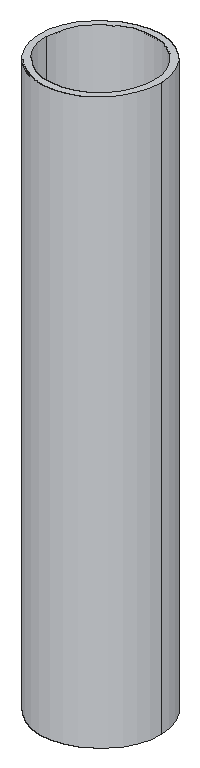
Revit family "Doppelnippel", category HLS-Bauteile, Revit 2017
Family settings
  Bemaßung runder Anschluss = Durchmesser verwenden
  Teiletyp = Normal
  Arbeitsebenenbasiert = Ja
  Immer vertikal = Nein
  Beim Laden mit Abzugskörper schneiden = Nein
  Gemeinsam genutzt = Ja
  Raumberechnungspunkt = Nein
Parameters (values of type "Doppelnippel 1/2" L= 100")
  vpe = "1 St"
  Default Elevation = 1219.2 mm
  Regelhalter [instance] = ""
  Mengeneinheit = "St"
  Material = "Stahl"
  Länge = 100 mm
  Kurztext2 = "Länge 100 mm gvz"
  Kurztext1 = "Doppelnippel 1/2\""
  Gewinde = "1/2''"
  Gewicht pro Bauteil = Gewicht  # 0.121 kg
  Gewicht = 0.121 kg
  Firma = "MEFA Befestigungs- und Montagesysteme GmbH"
  Festigkeitsklasse = ""
  Fabrikat = "MEFA"
  EAN = "4250928416148"
  D0 = 18.7 mm
  D = 21 mm
  Artikelnummer = "0701003"
Types (7, lengths in mm): name | Länge | Kurztext2 | Gewicht pro Bauteil | Gewicht | EAN | Artikelnummer
  (no name) | 100 | "Länge 100 mm gvz" | 0.121 kg | 0.121 kg | "4250928416148" | "0701003"
  Doppelnippel 1/2" L=  40 | 40 | "Länge 40 mm gvz" | 0.045 kg | 0.045 kg | "4250928416117" | "0700403"
  Doppelnippel 1/2" L=  60 | 60 | "Länge 60 mm gvz" | 0.071 kg | 0.071 kg | "4250928416124" | "0700603"
  Doppelnippel 1/2" L=  80 | 80 | "Länge 80 mm gvz" | 0.096 kg | 0.096 kg | "4250928416131" | "0700803"
  Doppelnippel 1/2" L= 100 | 100 | "Länge 100 mm gvz" | 0.121 kg | 0.121 kg | "4250928416148" | "0701003"
  Doppelnippel 1/2" L= 120 | 120 | "Länge 120 mm gvz" | 0.148 kg | 0.148 kg | "4250928416155" | "0701203"
  Doppelnippel 1/2" L= 150 | 150 | "Länge 150 mm gvz" | 0.185 kg | 0.185 kg | "4250928416162" | "0701503"
Reference planes
  plane 1 "Mitte (Vorne/hinten)": y = 0
  plane 2: z = 0
  plane 3 "Mitte (Links/rechts)": x = 0
  plane 4: z = 100
Forms (mm)
  Extrusion 1, solid
    sketch origin (0, 0, 0) x (1, 0, 0) y (0, 1, 0)
      loop
        circle (0, 0) r 10.5
    from 0 to 100
  Extrusion 2, void
    sketch origin (0, 0, 0) x (1, 0, 0) y (0, 1, 0)
      loop
        circle (0, 0) r 9.35
    from 0 to 100
Cuts and joins
  Extrusion 2 cuts Extrusion 1
Lines and regions (mm)
  model lines, not visible
    curve 1: line (20, 0, 100) -> (-20, 0, 100)
    curve 2: line (0, 20, 100) -> (0, -20, 100)
    curve 3: line (0, 10.717, 0) -> (0, -9.283, 0)
    curve 4: line (6.799, 0, 0) -> (-13.201, 0, 0)
    curve 5: line (0, 0, 110) -> (0, 0, -10)
    curve 6: line (20, 0, 0) -> (-20, 0, 0)
    curve 7: line (0, 20, 0) -> (0, -20, 0)
Dimensions and locks
  "Länge": level to plane 4
  "D": diameter of Extrusion 1 sketch curve
  "D0": diameter of Extrusion 2 sketch curve
  aligned and locked: level to plane 2
  aligned and locked: Extrusion 1 to level
  aligned and locked: Extrusion 1 to curve 1
  aligned and locked: plane 4 to Extrusion 1
  aligned and locked: curve 2 to plane 4
  aligned and locked: curve 3 to level
  aligned and locked: curve 4 to level
  aligned and locked: plane 3 "Mitte (Links/rechts)" to curve 5
  aligned and locked: curve 5 to plane 1 "Mitte (Vorne/hinten)"
  aligned and locked: Extrusion 1 to Extrusion 2
  aligned and locked: plane 4 to cut or joined group of Extrusion 1, Extrusion 2  (x2)
  aligned and locked: curve 7 to cut or joined group of Extrusion 1, Extrusion 2
  aligned and locked: curve 6 to cut or joined group of Extrusion 1, Extrusion 2
Automatic sketch dimensions
  plane 1 "Mitte (Vorne/hinten)" to Extrusion 1 sketch curve = 0 mm
  Extrusion 1 sketch curve to plane 3 "Mitte (Links/rechts)" = 0 mm
  plane 1 "Mitte (Vorne/hinten)" to Extrusion 2 sketch curve = 0 mm
  Extrusion 2 sketch curve to plane 3 "Mitte (Links/rechts)" = 0 mm
  plane 1 "Mitte (Vorne/hinten)" to curve 2 = 20 mm
  plane 1 "Mitte (Vorne/hinten)" to curve 7 = 20 mm
  plane 1 "Mitte (Vorne/hinten)" to curve 3 = 9.283 mm
  curve 3 to plane 1 "Mitte (Vorne/hinten)" = 10.717 mm
  curve 3 to curve 7 = 9.283 mm
  curve 2 to plane 1 "Mitte (Vorne/hinten)" = 20 mm
  curve 4 to plane 3 "Mitte (Links/rechts)" = 13.201 mm
  curve 6 to curve 4 = 6.799 mm
  curve 1 to plane 3 "Mitte (Links/rechts)" = 20 mm
  plane 3 "Mitte (Links/rechts)" to curve 4 = 6.799 mm
  plane 3 "Mitte (Links/rechts)" to curve 6 = 20 mm
  plane 3 "Mitte (Links/rechts)" to curve 1 = 20 mm
  curve 5 to curve 6 = 10 mm
  plane 4 to curve 5 = 10 mm
